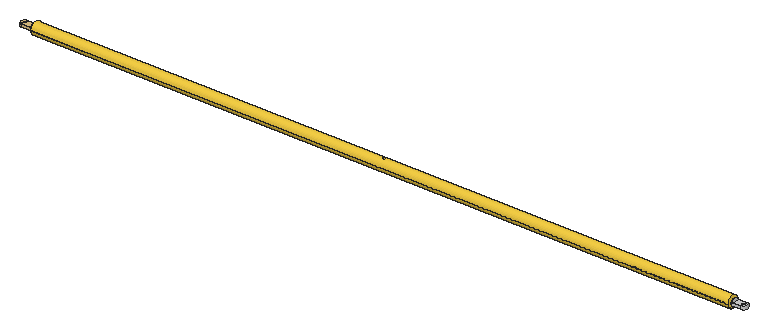
Revit family "PUSH-PULL PROP 5-6_1900147", category Generic Models, Revit 2018
Family settings
  Can host rebar = No
  Round Connector Dimension = Use Diameter
  Part Type = Normal
  OmniClass Number = 35.51.14.00
  OmniClass Title = FORMWORK
  Work Plane-Based = Yes
  Always vertical = No
  Cut with Voids When Loaded = No
  Shared = Yes
  Room Calculation Point = No
Parameters
  VERSION = "20190101"  # constant formula
  URL = "www.ulmaconstruction.com/en"
  UNICLASS = ""
  Manufacturer = "ULMA CONSTRUCTION"  # constant formula
  MIN LENGTH = 5000.000 mm
  MAX LENGTH = 6000.000 mm
  LENGTH [instance] = 5000.000 mm
  ITEM_LENGTH [instance] = if(LENGTH < MIN LENGTH, MIN LENGTH, if(LENGTH < MAX LENGTH, LENGTH, MAX LENGTH))  # 5000.000 mm
  FILTER [instance] = ""
  Default Elevation = 0.000 mm
  CLASSIFICATION_TITLE = ""
  CLASSIFICATION_NUMBER = ""
Reference planes
  plane 1 "Centro (Frontal/Posterior)": y = 0
  plane 2: z = 0
  plane 3 "Centro (Izquierda/Derecha)": x = 0
  plane 4 "MIDDLE": x = 2500
  plane 5 "LEFT SCREW START": x = 60
  plane 6 "LEFT SCREW END": x = 760
  plane 7 "BODY START": x = 75
  plane 8 "BODY END": x = 4925
  plane 9 "RIGHT SCREW END": x = 4240
  plane 10 "RIGHT SCREW START": x = 4940
  plane 11 "ITEM_LENGTH": x = 5000
  plane 12 "LENGTH": x = 5000
Forms (mm)
  Extrusion 1, solid, material "ULMA YELLOW", detail levels medium+fine
    sketch origin (75, 97.331, 1219.2) x (0, 1, 0) y (0, 0, 1)
      loop
        circle (-97.331, -1219.2) r 40
    from 0 to 4850
  Extrusion 2, solid, material "ULMA BICHROMATE", detail levels medium+fine
    sketch origin (0, 0, 0) x (1, 0, 0) y (0, 1, 0)
      loop
        line (60, -25) -> (60, 25) -> (0, 25)
        arc (0, 25) -> (-25, 0) -> (0, -25) r 25
        line (0, -25) -> (60, -25)
      loop
        circle (0, 0) r 9
    from -9 to 9
  Extrusion 3, solid, material "ULMA BICHROMATE", detail levels medium+fine
    sketch origin (60, 91.7, 1219.2) x (0, 1, 0) y (0, 0, 1)
      loop
        circle (-91.7, -1219.2) r 24
    from 0 to 700
  Extrusion 4, solid, material "ULMA ZINC", detail levels medium+fine
    sketch origin (1100, 0, 0) x (-1, 0, 0) y (0, -1, 0)
      loop
        line (-3840, 25) -> (-3900, 25)
        arc (-3900, 25) -> (-3925, 0) -> (-3900, -25) r 25
        line (-3900, -25) -> (-3840, -25) -> (-3840, 25)
      loop
        circle (-3900, 0) r 9
    from -9 to 9
  Extrusion 5, solid, material "ULMA ZINC", detail levels medium+fine
    sketch origin (1040, 91.7, 1219.2) x (0, 1, 0) y (0, 0, -1)
      loop
        circle (-91.7, 1219.2) r 24
    from -3900 to -3200
  Extrusion 6, void
    sketch origin (0, 0, 0) x (1, 0, 0) y (0, 1, 0)
      loop
        circle (2500, 0) r 10.7
    from -50 to 50
Cuts and joins
  Extrusion 6 cuts Extrusion 1
Lines and regions (mm)
  model lines, style "ULMA PUSH-PULL PROP", detail levels coarse
    curve 1: line (0, 0, 0) -> (5000, 0, 0)
Dimensions and locks
  "ITEM_LENGTH": plane 3 "Centro (Izquierda/Derecha)" to plane 11 "ITEM_LENGTH"
  "LENGTH": plane 3 "Centro (Izquierda/Derecha)" to plane 12 "LENGTH"
  locked: plane 3 "Centro (Izquierda/Derecha)" to plane 5 "LEFT SCREW START" at 60
  locked: plane 5 "LEFT SCREW START" to plane 6 "LEFT SCREW END" at 700
  locked: plane 10 "RIGHT SCREW START" to plane 11 "ITEM_LENGTH" at 60
  locked: plane 9 "RIGHT SCREW END" to plane 10 "RIGHT SCREW START" at 700
  equal spacing: plane 3 "Centro (Izquierda/Derecha)", plane 4 "MIDDLE", plane 11 "ITEM_LENGTH"
  equal spacing: plane 7 "BODY START", plane 4 "MIDDLE", plane 8 "BODY END"
  locked: plane 7 "BODY START" to plane 8 "BODY END" at 4850
  diameter of Extrusion 3 sketch curve = 48.000 mm
  diameter of Extrusion 5 sketch curve = 48.000 mm
  diameter of Extrusion 1 sketch curve = 80.000 mm
  aligned and locked: level to plane 2
  aligned and locked: Extrusion 1 to plane 7 "BODY START"
  aligned and locked: plane 8 "BODY END" to Extrusion 1
  aligned and locked: plane 5 "LEFT SCREW START" to Extrusion 2
  aligned and locked: Extrusion 3 to plane 5 "LEFT SCREW START"
  aligned and locked: plane 6 "LEFT SCREW END" to Extrusion 3
  aligned and locked: plane 10 "RIGHT SCREW START" to Extrusion 4
  aligned and locked: Extrusion 5 to plane 10 "RIGHT SCREW START"
  aligned and locked: Extrusion 5 to plane 9 "RIGHT SCREW END"
Automatic sketch dimensions
  Extrusion 2 sketch curve to Extrusion 2 sketch curve = 0.000 mm  (x2)
  Extrusion 2 sketch curve to plane 3 "Centro (Izquierda/Derecha)" = 0.000 mm
  Extrusion 2 sketch curve to plane 5 "LEFT SCREW START" = 0.000 mm
  plane 1 "Centro (Frontal/Posterior)" to Extrusion 2 sketch curve = 0.000 mm
  plane 1 "Centro (Frontal/Posterior)" to Extrusion 2 sketch curve = 25.000 mm
  Extrusion 4 sketch curve to Extrusion 4 sketch curve = 0.000 mm  (x2)
  plane 1 "Centro (Frontal/Posterior)" to Extrusion 4 sketch curve = 0.000 mm
  Extrusion 4 sketch curve to plane 10 "RIGHT SCREW START" = 0.000 mm
  Extrusion 4 sketch curve to plane 1 "Centro (Frontal/Posterior)" = 25.000 mm
  Extrusion 4 sketch curve to Extrusion 4 sketch curve = 60.000 mm
  plane 1 "Centro (Frontal/Posterior)" to Extrusion 6 sketch curve = 0.000 mm
  Extrusion 6 sketch curve to plane 4 "MIDDLE" = 0.000 mm
  plane 1 "Centro (Frontal/Posterior)" to curve 1 = 0.000 mm
  curve 1 to plane 3 "Centro (Izquierda/Derecha)" = 0.000 mm
  curve 1 to plane 11 "ITEM_LENGTH" = 0.000 mm
  Extrusion 1 sketch curve to level = 0.000 mm
  Extrusion 1 sketch curve to plane 1 "Centro (Frontal/Posterior)" = 0.000 mm
  Extrusion 5 sketch curve to level = 0.000 mm
  Extrusion 5 sketch curve to plane 1 "Centro (Frontal/Posterior)" = 0.000 mm
  Extrusion 3 sketch curve to level = 0.000 mm
  Extrusion 3 sketch curve to plane 1 "Centro (Frontal/Posterior)" = 0.000 mm
  radius of Extrusion 2 sketch curve = 9.000 mm
  radius of Extrusion 4 sketch curve = 9.000 mm
  radius of Extrusion 6 sketch curve = 10.700 mm
